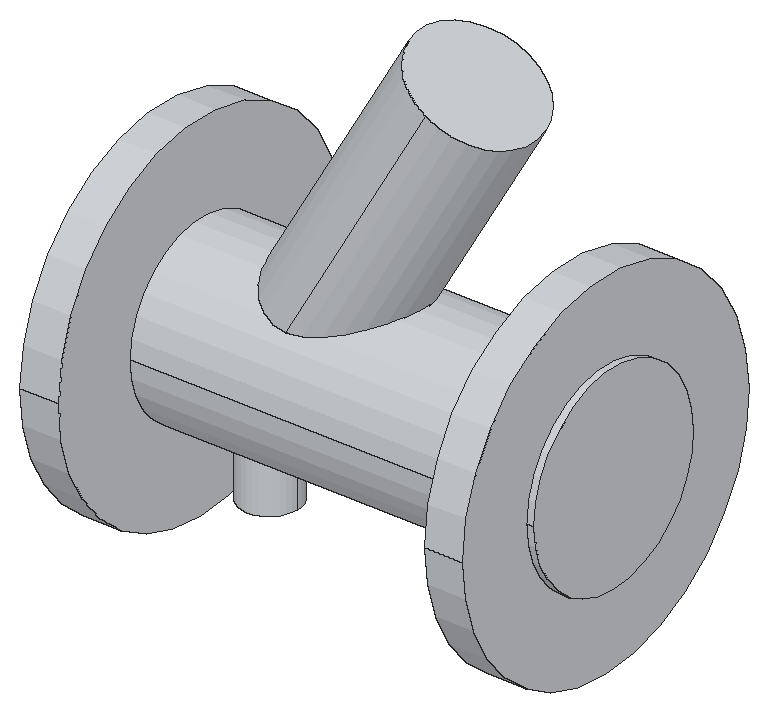
Revit family "HS 821-síto_jemné-PN40-DN032-RFA_2018", category Pipe Accessories, Revit 2018
Family settings
  Round Connector Dimension = Use Diameter
  Part Type = Breaks Into
  Work Plane-Based = No
  Always vertical = Yes
  Cut with Voids When Loaded = No
  Shared = No
Parameters (values of type "821F-DN032-PN40-síto_jemné")
  magiProductId = "165e7f39cf744f329bdf1c400dad12"
  magiProductFamilyId = "79214ac3aaa945e397802f559f5c1e"
  magiPartTypeId = 307
  isMeasuringValve [instance] = no
  ang2D [instance] = 0.00°
  ZB__ve = -ZB  # -23 mm
  ZB1 = 31.59 mm
  ZB = 23 mm
  X2 = 68.849 mm
  X1 = 25.2 mm
  W2D = 15 mm
  VersionID = "2.0/2017.9.26.1/ZETKAMA_821_001"
  Use Minimum Symbol Size [instance] = yes
  URL = "www.hydronic.cz"
  Type Comments = "Filtr přírubový; síto jemné; A-PN16 (-10~300°C); D-PN25 (-10~350°C); F-PN40 (-10~400°C)"
  S = 78 mm
  QmdConnectorList = "301;D;302;D"
  Productdata [instance] = ""
  Manufacturer = "Hydronic Systems Prague s.r.o."
  MC Product Code = "250 632 (821F; DN032; PN40; kvs23,1; oko síta 0,63mm)"
  LM1 = 14.4 mm
  LM = 144 mm
  L4 = 45 mm
  L2D_Min = 3048 mm
  L2D = 130 mm
  L2 = 90 mm
  HH2 = 119.25 mm
  FD = 140 mm
  Description = "Filtr přírubový; síto jemné; 821A-PN16; 821D-PN25; 821F-PN40"
  DM1 = 50.4 mm
  DM = 70.2 mm
  D = 32 mm
  CC = 3.06 mm
  CAT0 = yes
  C1 = 14.94 mm
  C = 18 mm
  BD = 22.113 mm
Types (40, lengths in mm): name | magiProductId | ZB__ve | ZB1 | ZB | X2 | X1 | S | MC Product Code | LM1 | LM | L4 | L2 | HH2 | FD | DM1 | DM | D | CC | C1 | C | BD
  821A-DN015-PN16-síto_jemné | "a71bcfe8b393460598b23e8ddf7dc5" | -16.25 | 18.63 | 16.25 | 46.982 | 18.2 | 46 | "210 115 (821A; DN015; PN16; kvs6,2; oko síta 0,63mm)" | 10.4 | 104 | 32.5 | 65 | 81.375 | 95 | 27.6 | 41.4 | 15 | 2.21 | 10.79 | 13 | 13.041
  821A-DN020-PN16-síto_jemné | "41cd6c7a12924f4991217528336076" | -17.75 | 22.68 | 17.75 | 51.673 | 21 | 56 | "210 120 (821A; DN020; PN16; kvs9,6; oko síta 0,63mm)" | 12 | 120 | 37.5 | 75 | 89.5 | 105 | 33.6 | 50.4 | 20 | 2.55 | 12.45 | 15 | 15.876
  821A-DN025-PN16-síto_jemné | "be378b463ed14c3abf4c9b3ae8cf3a" | -19.25 | 26.325 | 19.25 | 58.601 | 22.4 | 65 | "210 125 (821A; DN025; PN16; kvs14,2; oko síta 0,63mm)" | 12.8 | 128 | 40 | 80 | 101.5 | 115 | 43.2 | 58.5 | 25 | 2.72 | 13.28 | 16 | 18.427
  821A-DN032-PN16-síto_jemné | "227a0d18b21540afabe8b6067d35fa" | -23 | 30.78 | 23 | 68.849 | 25.2 | 76 | "210 132 (821A; DN032; PN16; kvs23,1; oko síta 0,63mm)" | 14.4 | 144 | 45 | 90 | 119.25 | 140 | 50.4 | 68.4 | 32 | 3.06 | 14.94 | 18 | 21.546
  821A-DN040-PN16-síto_jemné | "d106917c74724141a10440112d0102" | -24.5 | 34.02 | 24.5 | 75.777 | 28 | 84 | "210 140 (821A; DN040; PN16; kvs36,6; oko síta 0,63mm)" | 16 | 160 | 50 | 100 | 131.25 | 150 | 60 | 75.6 | 40 | 3.4 | 16.6 | 20 | 23.814
  821A-DN050-PN16-síto_jemné | "8255d456a09e4f6486734f5dd9171b" | -26.75 | 40.095 | 26.75 | 79.061 | 32.2 | 99 | "210 150 (821A; DN050 PN16; kvs53,7; oko síta 0,63mm)" | 18.4 | 184 | 57.5 | 115 | 136.938 | 165 | 73.8 | 89.1 | 50 | 3.91 | 19.09 | 23 | 28.066
  821A-DN065-PN16-síto_jemné | "235b1b3e4c0843779a4d5e3716d40a" | -29.75 | 47.79 | 29.75 | 86.927 | 40.6 | 118 | "210 165 (821A; DN065; PN16; kvs95,1; oko síta 0,63mm)" | 23.2 | 232 | 72.5 | 145 | 150.562 | 185 | 94.2 | 106.2 | 65 | 4.93 | 24.07 | 29 | 33.453
  821A-DN080-PN16-síto_jemné | "a067f7c5236348ed8c820d16df7214" | -32 | 53.46 | 32 | 104.753 | 43.4 | 132 | "210 180 (821A; DN080; PN16; kvs137,1; oko síta 0,63mm)" | 24.8 | 248 | 77.5 | 155 | 181.438 | 200 | 107.4 | 118.8 | 80 | 5.27 | 25.73 | 31 | 37.422
  821A-DN100-PN16-síto_jemné | "c49a648c2747461285837d643703cd" | -35 | 63.18 | 35 | 114.857 | 49 | 156 | "210 190 (821A; DN100; PN16; kvs206,4; oko síta 0,63mm)" | 28 | 280 | 87.5 | 175 | 198.937 | 220 | 131.4 | 140.4 | 100 | 5.95 | 29.05 | 35 | 44.226
  821A-DN125-PN16-síto_jemné | "bf68e728a163493cbd2a663b26ebdc" | -39.5 | 74.52 | 39.5 | 131.888 | 56 | 184 | "210 191 (821A; DN125; PN16; kvs268,8; oko síta 0,63mm)" | 32 | 320 | 100 | 200 | 228.438 | 250 | 165 | 165.6 | 125 | 6.8 | 33.2 | 40 | 52.164
  821A-DN150-PN16-síto_jemné | "2de770284b654863ae6bc865769dc5" | -44.75 | 85.455 | 44.75 | 155.885 | 67.2 | 211 | "210 192 (821A; DN150; PN16; kvs401,4; oko síta 0,63mm)" | 38.4 | 384 | 120 | 240 | 270 | 285 | 192 | 189.9 | 150 | 8.16 | 39.84 | 48 | 59.818
  821A-DN200-PN16-síto_jemné | "8e5693371ab64aabb29a7f08c76e15" | -53 | 107.73 | 53 | 188.361 | 84 | 266 | "210 193 (821A; DN200; PN16; kvs706,7; oko síta 0,63mm)" | 48 | 480 | 150 | 300 | 326.25 | 340 | 252 | 239.4 | 200 | 10.2 | 49.8 | 60 | 75.411
  821A-DN250-PN16-síto_jemné | "05e37ed948c34047acdd4c42556504" | -62.75 | 129.195 | 62.75 | 255.911 | 102.2 | 319 | "210 194 (821A; DN250; PN16; kvs1229,4; oko síta 0,63mm)" | 58.4 | 584 | 182.5 | 365 | 443.25 | 405 | 309.6 | 287.1 | 250 | 12.41 | 60.59 | 73 | 90.436
  821A-DN300-PN16-síto_jemné | "9ad0af747269428da925480d83ce80" | -71 | 149.85 | 71 | 325.914 | 119 | 370 | "210 195 (821A; DN300; PN16; kvs1902,4; oko síta 0,63mm)" | 68 | 680 | 212.5 | 425 | 564.5 | 460 | 369.6 | 333 | 300 | 14.45 | 70.55 | 85 | 104.895
  821A-DN350-PN16-síto_jemné | "eebc71459bb3451bb4355e7951370a" | -80 | 173.745 | 80 | 356.875 | 137.2 | 429 | "200 196 (821A; DN350; PN16; kvs2611,0; oko síta 0,63mm)" | 78.4 | 784 | 245 | 490 | 618.125 | 520 | 438 | 386.1 | 350 | 16.66 | 81.34 | 98 | 121.621
  821A-DN400-PN16-síto_jemné | "d2f677cb196647e385b2590e7d8abe" | -89 | 194.4 | 89 | 392.237 | 154 | 480 | "210 197 (821A; DN400; PN16; kvs3438,4; oko síta 0,63mm)" | 88 | 880 | 275 | 550 | 679.375 | 580 | 498 | 432 | 400 | 18.7 | 91.3 | 110 | 136.08
  821D-DN015-PN25-síto_jemné | "27ddcbf555414f8ca1fde329bf9087" | -16.25 | 18.63 | 16.25 | 46.982 | 18.2 | 46 | "210 215 (821D; DN015; PN25; kvs6,2; oko síta 0,63mm)" | 10.4 | 104 | 32.5 | 65 | 81.375 | 95 | 27.6 | 41.4 | 15 | 2.21 | 10.79 | 13 | 13.041
  821D-DN020-PN25-síto_jemné | "270e0f14012f47189cd0235c18faee" | -17.75 | 22.68 | 17.75 | 51.673 | 21 | 56 | "210 220 (821D; DN020; PN25; kvs9,6; oko síta 0,63mm)" | 12 | 120 | 37.5 | 75 | 89.5 | 105 | 33.6 | 50.4 | 20 | 2.55 | 12.45 | 15 | 15.876
  821D-DN025-PN25-síto_jemné | "b9a7fb4aa36643878c637d8e1ab992" | -19.25 | 26.325 | 19.25 | 58.601 | 22.4 | 65 | "210 225 (821D; DN025; PN25; kvs14,2; oko síta 0,63mm)" | 12.8 | 128 | 40 | 80 | 101.5 | 115 | 43.2 | 58.5 | 25 | 2.72 | 13.28 | 16 | 18.427
  821D-DN032-PN25-síto_jemné | "6be9a55c4e68400f94eec7e804204c" | -23 | 30.78 | 23 | 68.849 | 25.2 | 76 | "210 232 (821D; DN032; PN25; kvs23,1; oko síta 0,63mm)" | 14.4 | 144 | 45 | 90 | 119.25 | 140 | 50.4 | 68.4 | 32 | 3.06 | 14.94 | 18 | 21.546
  821D-DN040-PN25-síto_jemné | "c54511bd7f584ec2984291479612cb" | -24.5 | 34.02 | 24.5 | 75.777 | 28 | 84 | "210 240 (821D; DN040; PN25; kvs36,6; oko síta 0,63mm)" | 16 | 160 | 50 | 100 | 131.25 | 150 | 60 | 75.6 | 40 | 3.4 | 16.6 | 20 | 23.814
  821D-DN050-PN25-síto_jemné | "5483b1f596b04cd39b23a14a22c90e" | -26.75 | 40.095 | 26.75 | 79.061 | 32.2 | 99 | "210 250 (821D; DN050; PN25; kvs53,7; oko síta 0,63mm)" | 18.4 | 184 | 57.5 | 115 | 136.938 | 165 | 73.8 | 89.1 | 50 | 3.91 | 19.09 | 23 | 28.066
  821D-DN065-PN25-síto_jemné | "767b0f8318e94750bc7a9930ed5b30" | -29.75 | 47.79 | 29.75 | 86.927 | 40.6 | 118 | "210 265 (821D; DN065; PN25; kvs95,1; oko síta 0,63mm)" | 23.2 | 232 | 72.5 | 145 | 150.562 | 185 | 94.2 | 106.2 | 65 | 4.93 | 24.07 | 29 | 33.453
  821D-DN080-PN25-síto_jemné | "e21040fa3cc2404b858198f6b73709" | -32 | 53.46 | 32 | 104.753 | 43.4 | 132 | "210 280 (821D; DN080; PN25; kvs137,1; oko síta 0,63mm)" | 24.8 | 248 | 77.5 | 155 | 181.438 | 200 | 107.4 | 118.8 | 80 | 5.27 | 25.73 | 31 | 37.422
  821D-DN100-PN25-síto_jemné | "175ca87a506b40b3bc6b82f12f33cf" | -37.25 | 63.18 | 37.25 | 114.857 | 49 | 156 | "210 290 (821D; DN100; PN25; kvs206,4; oko síta 0,63mm)" | 28 | 280 | 87.5 | 175 | 198.937 | 235 | 131.4 | 140.4 | 100 | 5.95 | 29.05 | 35 | 44.226
  821D-DN125-PN25-síto_jemné | "77cc98d60da24855999a22dff726b2" | -42.5 | 74.52 | 42.5 | 131.888 | 56 | 184 | "210 291 (821D; DN125; PN25; kvs268,8; oko síta 0,63mm)" | 32 | 320 | 100 | 200 | 228.438 | 270 | 165 | 165.6 | 125 | 6.8 | 33.2 | 40 | 52.164
  821D-DN150-PN25-síto_jemné | "9cf8acfcd15547d68e83172d3abcbe" | -47 | 85.455 | 47 | 155.885 | 67.2 | 211 | "210 292 (821D; DN150; PN25; kvs401,4; oko síta 0,63mm)" | 38.4 | 384 | 120 | 240 | 270 | 300 | 192 | 189.9 | 150 | 8.16 | 39.84 | 48 | 59.818
  821D-DN200-PN25-síto_jemné | "16973f3c9ea14389ba8602495a6b64" | -56 | 110.97 | 56 | 188.361 | 84 | 274 | "210 293 (821D; DN200; PN25; kvs706,7; oko síta 0,63mm)" | 48 | 480 | 150 | 300 | 326.25 | 360 | 252 | 246.6 | 200 | 10.2 | 49.8 | 60 | 77.679
  821F-DN015-PN40-síto_jemné | "4c7eaf3c4c0340888b3e684d8a8616" | -16.25 | 18.225 | 16.25 | 46.982 | 18.2 | 45 | "250 615 (821F; DN015; PN40; kvs6,2; oko síta 0,63mm)" | 10.4 | 104 | 32.5 | 65 | 81.375 | 95 | 27.6 | 40.5 | 15 | 2.21 | 10.79 | 13 | 12.757
  821F-DN020-PN40-síto_jemné | "aaac5f1ec96b44d6ba96ac2293d66d" | -17.75 | 23.49 | 17.75 | 51.673 | 21 | 58 | "250 620 (821F; DN020; PN40; kvs9,6; oko síta 0,63mm)" | 12 | 120 | 37.5 | 75 | 89.5 | 105 | 33.6 | 52.2 | 20 | 2.55 | 12.45 | 15 | 16.443
  821F-DN025-PN40-síto_jemné | "504768023968471481789485b54c7e" | -19.25 | 27.54 | 19.25 | 58.601 | 22.4 | 68 | "250 625 (821F; DN025; PN40; kvs14,2; oko síta 0,63mm)" | 12.8 | 128 | 40 | 80 | 101.5 | 115 | 43.2 | 61.2 | 25 | 2.72 | 13.28 | 16 | 19.278
  821F-DN032-PN40-síto_jemné | "165e7f39cf744f329bdf1c400dad12" | -23 | 31.59 | 23 | 68.849 | 25.2 | 78 | "250 632 (821F; DN032; PN40; kvs23,1; oko síta 0,63mm)" | 14.4 | 144 | 45 | 90 | 119.25 | 140 | 50.4 | 70.2 | 32 | 3.06 | 14.94 | 18 | 22.113
  821F-DN040-PN40-síto_jemné | "b8903f952089408fbf3a5a632bab1f" | -24.5 | 35.64 | 24.5 | 75.777 | 28 | 88 | "250 640 (821F; DN040; PN40; kvs36,6; oko síta 0,63mm)" | 16 | 160 | 50 | 100 | 131.25 | 150 | 60 | 79.2 | 40 | 3.4 | 16.6 | 20 | 24.948
  821F-DN050-PN40-síto_jemné | "c451f97266fe48da8f879cb6a2bd44" | -26.75 | 41.31 | 26.75 | 79.061 | 32.2 | 102 | "250 650 (821F; DN050; PN40; kvs53,7; oko síta 0,63mm)" | 18.4 | 184 | 57.5 | 115 | 136.938 | 165 | 73.8 | 91.8 | 50 | 3.91 | 19.09 | 23 | 28.917
  821F-DN065-PN40-síto_jemné | "dc9821e3f9b34e128f6a8c6b34c198" | -29.75 | 49.41 | 29.75 | 86.927 | 40.6 | 122 | "250 665 (821F; DN065; PN40; kvs95,1; oko síta 0,63mm)" | 23.2 | 232 | 72.5 | 145 | 150.562 | 185 | 94.2 | 109.8 | 65 | 4.93 | 24.07 | 29 | 34.587
  821F-DN080-PN40-síto_jemné | "689aa1e260f84cf4994f027a1d86b5" | -32 | 55.89 | 32 | 104.753 | 43.4 | 138 | "250 680 (821F; DN080; PN40; kvs137,1; oko síta 0,63mm)" | 24.8 | 248 | 77.5 | 155 | 181.438 | 200 | 107.4 | 124.2 | 80 | 5.27 | 25.73 | 31 | 39.123
  821F-DN100-PN40-síto_jemné | "8a45d4e8e2ab425f8c432f21d684f3" | -37.25 | 65.61 | 37.25 | 114.857 | 49 | 162 | "250 690 (821F; DN100; PN40; kvs206,4; oko síta 0,63mm)" | 28 | 280 | 87.5 | 175 | 198.937 | 235 | 131.4 | 145.8 | 100 | 5.95 | 29.05 | 35 | 45.927
  821F-DN125-PN40-síto_jemné | "cf073904c006406b8645afa67ea2fc" | -42.5 | 76.14 | 42.5 | 131.888 | 56 | 188 | "250 691 (821F; DN125; PN40; kvs268,8; oko síta 0,63mm)" | 32 | 320 | 100 | 200 | 228.438 | 270 | 165 | 169.2 | 125 | 6.8 | 33.2 | 40 | 53.298
  821F-DN150-PN40-síto_jemné | "0153b9ddabe14992a630484929fdbc" | -47 | 88.29 | 47 | 155.885 | 67.2 | 218 | "250 692 (821F; DN150; PN40; kvs401,4; oko síta 0,63mm)" | 38.4 | 384 | 120 | 240 | 270 | 300 | 192 | 196.2 | 150 | 8.16 | 39.84 | 48 | 61.803
  821F-DN200-PN40-síto_jemné | "7fb3fc01dd8d42428c203e3f8dd4d5" | -56 | 115.425 | 56 | 188.361 | 84 | 285 | "250 693 (821F; DN200; PN40; kvs706,7; oko síta 0,63mm)" | 48 | 480 | 150 | 300 | 326.25 | 360 | 252 | 256.5 | 200 | 10.2 | 49.8 | 60 | 80.797
Reference planes
  plane 1 "Center (Front/Back)": y = 0
  plane 2 "XYPLANE": z = 0
  plane 3 "Center (Left/Right)": x = 0
  plane 4 "109": x = -57.6
  plane 5 "108": x = 72
  plane 6 "107": x = -72
  plane 7 "105": x = 90
  plane 8 "104": x = -90
  plane 9 "103": y = 0
  plane 10 "102": z = 0
  plane 11 "101": x = -86.94
  plane 12 "100": x = 86.94
  plane 13 "11": x = -32.4
  plane 14 "10": z = 119.25
  plane 15 "9": x = 36.449
  plane 16 "5": z = -31.59
  plane 17 "4": x = -45
  plane 18 "1": x = 45
Forms (mm)
  Extrusion 1, solid, visible <- "CAT0"
    sketch origin (-72, -750, 0) x (0, 1, 0) y (0, 0, 1)
      loop
        circle (750, 0) r 35.1
    from 0 to 144 <- "LM"
  Extrusion 2, solid
    sketch origin (-90, -750, 0) x (0, 1, 0) y (0, 0, 1)
      loop
        circle (750, 0) r 39
    from 0 to 3.06 <- "CC"
  Extrusion 3, solid
    sketch origin (-86.94, -750, 0) x (0, 1, 0) y (0, 0, 1)
      loop
        circle (750, 0) r 70
    from 0 to 14.94 <- "C1"
  Extrusion 4, solid
    sketch origin (72, -750, 0) x (0, 1, 0) y (0, 0, 1)
      loop
        circle (750, 0) r 70
    from 0 to 14.94 <- "C1"
  Extrusion 5, solid
    sketch origin (86.94, -750, 0) x (0, 1, 0) y (0, 0, 1)
      loop
        circle (750, 0) r 39
    from 0 to 3.06 <- "CC"
  Sweep 6, solid, visible <- "CAT0"
    path origin (750, 0, 0) x (-1, 0, 0) y (0, 0, 1)
      loop
        line (822, 0) -> (782.4, 0) -> (713.551, 119.25)
    profile origin (-72, 0, 0) x (0, 0, -1) y (0, 1, 0)
      loop
        circle (0, 0) r 25.2
  Extrusion 7, solid, visible <- "CAT0"
    sketch origin (-750, 0, -31.59) x (1, 0, 0) y (0, 1, 0)
      loop
        circle (705, 0) r 11.056
    from 0 to -23 <- "ZB__ve"
  Extrusion 8, solid, visible <- "CAT0"
    sketch origin (-750, 0, -31.59) x (1, 0, 0) y (0, 1, 0)
      loop
        circle (795, 0) r 11.056
    from 0 to -23 <- "ZB__ve"
  Extrusion 9, solid, not visible
    sketch origin (90, -750, 0) x (0, 1, 0) y (0, 0, 1)
      loop
        circle (750, 0) r 10
    from 0 to -10
  Extrusion 10, solid, not visible
    sketch origin (-90, -750, 0) x (0, 1, 0) y (0, 0, 1)
      loop
        circle (750, 0) r 10
    from 0 to 10
Lines and regions (mm)
  reference lines, not visible
    curve 1: circle (2, 2, 0) r 1 normal (0, 0, 1)
Dimensions and locks
  plane 1 "Center (Front/Back)" to curve 1 = 2 mm
  "LM1": plane 6 "107" to plane 4 "109"
  "LM": plane 6 "107" to plane 5 "108"
  "C": plane 8 "104" to plane 6 "107"
  "L2": plane 3 "Center (Left/Right)" to plane 7 "105"
  "L2": plane 3 "Center (Left/Right)" to plane 8 "104"
  locked: plane 1 "Center (Front/Back)" to plane 9 "103"
  locked: plane 2 "XYPLANE" to plane 10 "102"
  "CC": plane 8 "104" to plane 11 "101"
  "C1": plane 5 "108" to plane 12 "100"
  "X1": plane 4 "109" to plane 13 "11"
  "HH2": plane 2 "XYPLANE" to plane 14 "10"
  "X2": plane 13 "11" to plane 15 "9"
  "ZB1": plane 2 "XYPLANE" to plane 16 "5"
  "L4": plane 8 "104" to plane 17 "4"
  "L2": plane 17 "4" to plane 18 "1"
  Sweep 6 sketch curve to Sweep 6 sketch curve = 0 mm  (x2)
  "DM": diameter of Extrusion 1 sketch curve
  "S": diameter of Extrusion 2 sketch curve
  "FD": diameter of Extrusion 3 sketch curve
  "FD": diameter of Extrusion 4 sketch curve
  "S": diameter of Extrusion 5 sketch curve
  "DM1": diameter of Sweep 6 sketch curve
  "BD": diameter of Extrusion 7 sketch curve
  "BD": diameter of Extrusion 8 sketch curve
  aligned and locked: level to plane 2 "XYPLANE"
  aligned and locked: Extrusion 1 sketch curve to plane 9 "103"
  aligned and locked: plane 10 "102" to Extrusion 1 sketch curve
  aligned and locked: Extrusion 2 sketch curve to plane 9 "103"
  aligned and locked: plane 10 "102" to Extrusion 2 sketch curve
  aligned and locked: Extrusion 3 sketch curve to plane 9 "103"
  aligned and locked: plane 10 "102" to Extrusion 3 sketch curve
  aligned and locked: Extrusion 4 sketch curve to plane 9 "103"
  aligned and locked: plane 10 "102" to Extrusion 4 sketch curve
  aligned and locked: Extrusion 5 sketch curve to plane 9 "103"
  aligned and locked: plane 10 "102" to Extrusion 5 sketch curve
  aligned and locked: Sweep 6 sketch curve to plane 9 "103"
  aligned and locked: plane 10 "102" to Sweep 6 sketch curve  (x3)
  aligned and locked: plane 6 "107" to Sweep 6 sketch curve
  aligned and locked: plane 13 "11" to Sweep 6 sketch curve
  aligned and locked: plane 14 "10" to Sweep 6 sketch curve
  aligned and locked: plane 15 "9" to Sweep 6 sketch curve
  aligned and locked: plane 9 "103" to Extrusion 7 sketch curve
  aligned and locked: plane 17 "4" to Extrusion 7 sketch curve
  aligned and locked: plane 9 "103" to Extrusion 8 sketch curve
  aligned and locked: plane 18 "1" to Extrusion 8 sketch curve
  aligned and locked: Extrusion 9 sketch curve to plane 9 "103"
  aligned and locked: plane 10 "102" to Extrusion 9 sketch curve
  aligned and locked: Extrusion 10 sketch curve to plane 9 "103"
  aligned and locked: plane 10 "102" to Extrusion 10 sketch curve
Automatic sketch dimensions
  plane 1 "Center (Front/Back)" to Extrusion 9 sketch curve = 10 mm
  plane 1 "Center (Front/Back)" to Extrusion 10 sketch curve = 10 mm
  plane 3 "Center (Left/Right)" to curve 1 = 2 mm
  radius of curve 1 = 1 mm
Connectors
  piping at (-90, 0, 0), diameter 32, driven by "D"
    settings: on Extrusion 10, index 1, connector inside diameter 609.6 mm, connector length 0 mm, flow factor 0, pipe flow 0.0 L/s, pressure drop 0.0 Pa, fitting loss kfactor 0, connector angle 0.00°, fixture units 0, engagement length 0 mm, angle of deflection 0.00°, flow configuration 0, flow direction 0, fitting loss method 0, system type 29, joint type 0, gender type 0, connector reference index 2, connector utility 0, adjustable connector no, is connector primary yes, connector description ""
  piping at (90, 0, 0), diameter 32, driven by "D"
    settings: on Extrusion 9, index 2, connector inside diameter 609.6 mm, connector length 0 mm, flow factor 0, pipe flow 0.0 L/s, pressure drop 0.0 Pa, fitting loss kfactor 0, connector angle 0.00°, fixture units 0, engagement length 0 mm, angle of deflection 0.00°, flow configuration 0, flow direction 0, fitting loss method 0, system type 29, joint type 0, gender type 0, connector reference index 1, connector utility 0, adjustable connector no, is connector primary no, connector description ""
